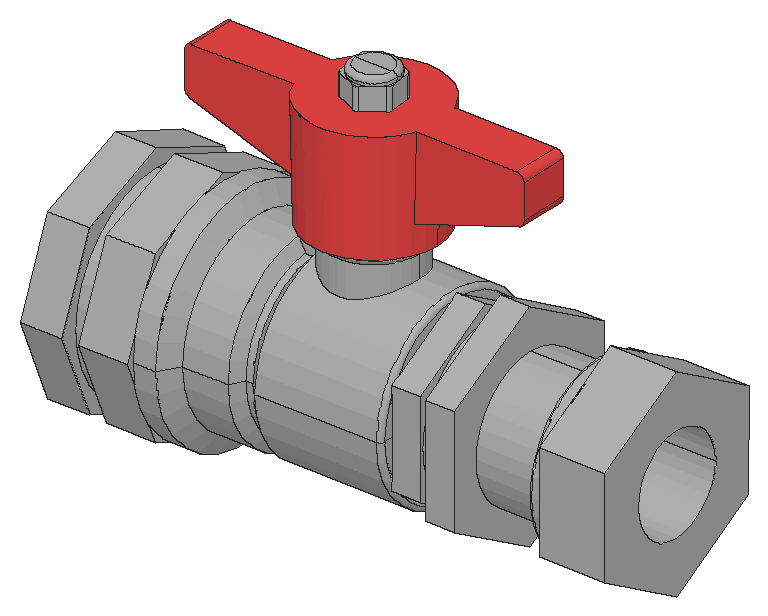
Revit family "QD40320000", category Apparecchi idraulici, Revit 2016
Family settings
  Tipo di parte = Normale
  Quota connettore circolare = Usa diametro
  Numero OmniClass = 23.45.00.00
  Titolo OmniClass = Sanitary, Laundry, and Cleaning Equipment
  Basato su piano di lavoro = No
  Sempre verticale = Sì
  Taglio con vuoti quando caricato = No
  Condiviso = No
  Punto di calcolo locali = No
Parameters
  URL = "https://web.cimberio.it/index.php/figura/278?subcategoria_id=43550"
  Produttore = "CIMBERIO SPA"
  Modello = "Cim 283BR"
  DN Model [instance] = QD40323163 : QD40323163
  DN [instance] = 20 mm
Reference planes
  plane 1 "Centro (Fronte/Retro)": y = 0
  plane 2: z = 0
  plane 3 "Centro (Sinistra/Destra)": x = 0
Dimensions and locks
  aligned and locked: level to plane 2
Nested families
  nested 1: "QD40323163" at (0, 0, 0), type <- "DN Model", type "QD40323163"
  nested 2: "QD40323163" at (0, 0, 0), type <- "DN Model", type "QD40323163"
  nested 3: "QD40323163" at (0, 0, 0), type <- "DN Model", type "QD40323163"
  nested 4: "QD40323163" at (0, 0, 0), type <- "DN Model", type "QD40323163"
  nested 5: "QD40323163" at (0, 0, 0), type <- "DN Model", type "QD40323163"
  nested 6: "QD40323163" at (0, 0, 0), type <- "DN Model", type "QD40323163"
  nested 7: "QD40323163" at (0, 0, 0), type <- "DN Model", type "QD40323163"
  nested 8: "QD40323163" at (0, 0, 0), type <- "DN Model", type "QD40323163"
  nested 9: "QD40323163" at (0, 0, 0), type <- "DN Model", type "QD40323163"
Connectors
  piping at (62.4, 0, 0), diameter 20, driven by "DN"
    settings: on nested 1, index 1, connector inside diameter 609.6 mm, connector length 0 mm, flow factor 0, pipe flow 0.0 L/s, pressure drop 0.0 Pa, fitting loss kfactor 0, connector angle 0.00°, fixture units 0, engagement length 0 mm, angle of deflection 0.00°, flow configuration 0, flow direction 0, fitting loss method 0, system type 7, joint type 0, gender type 0, connector reference index -1, connector utility 0, adjustable connector no, is connector primary yes, connector description ""
  piping at (-53.371, 0, 0), diameter 20, driven by "DN"
    settings: on nested 1, index 2, connector inside diameter 609.6 mm, connector length 0 mm, flow factor 0, pipe flow 0.0 L/s, pressure drop 0.0 Pa, fitting loss kfactor 0, connector angle 0.00°, fixture units 0, engagement length 0 mm, angle of deflection 0.00°, flow configuration 0, flow direction 0, fitting loss method 0, system type 7, joint type 0, gender type 0, connector reference index -1, connector utility 0, adjustable connector no, is connector primary no, connector description ""
Definition of nested family "QD40323163"
  Parameters (values of type "QD40323163")
    Model = "QD40403163"
    DN [instance] = "1\""
  Reference planes
    plane 1 "Centro (Fronte/Retro)": y = 0
    plane 2: z = 0
    plane 3 "Centro (Sinistra/Destra)": x = 0
  Forms (mm)
    Revolve 1, solid
      sketch origin (5.45, 0, 0) x (1, 0, 0) y (0, 0, 1)
        loop
          line (26.65, 14) -> (26.65, 10) -> (41.043, 10) -> (41.043, 14) -> (26.65, 14)
        axis (26.65, 0) -> (41.043, 0)
      angle from 0 to 360
    Revolve 2, solid
      sketch origin (15.6, 0, 0) x (1, 0, 0) y (0, 0, 1)
        loop
          arc (31.3, 18) -> (30.946, 17.854) -> (30.8, 17.5) r 0.5
          line (30.8, 17.5) -> (30.8, 10) -> (33.313, 10) -> (33.313, 18) -> (31.3, 18)
        axis (30.8, 0) -> (33.313, 0)
      angle from 0 to 360
    Revolve 3, solid
      sketch origin (0, 0, 0) x (1, 0, 0) y (0, 0, 1)
        loop
          line (5, 31.3) -> (5, 15.282) -> (9.381, 15.282) -> (9.381, 24)
          arc (9.381, 24) -> (9.751, 24.365) -> (9.887, 24.866) r 0.994
          line (9.887, 24.866) -> (9.887, 31.3) -> (5, 31.3)
        axis (0, 31.3) -> (0, 15.282)
      angle from 0 to 360
    Revolve 4, solid
      sketch origin (0, 0, 0) x (1, 0, 0) y (0, 0, 1)
        loop
          line (-1.75, 26.8) -> (-1.75, 32.8) -> (0, 32.8) -> (0, 49.8) -> (-13.579, 49.8) -> (-13.134, 26.8) -> (-1.75, 26.8)
        axis (0, 49.8) -> (0, 26.8)
      angle from 0 to 360
    Revolve 5, solid
      sketch origin (0, 0, 0) x (1, 0, 0) y (0, 0, 1)
        loop
          line (0, 55.8) -> (0, 53.928) -> (4.75, 53.928) -> (4.75, 54.8)
          arc (4.75, 54.8) -> (4.456, 55.508) -> (3.748, 55.8) r 1
          line (3.748, 55.8) -> (0, 55.8)
        axis (0, 55.8) -> (0, 53.928)
      angle from 0 to 360
    Extrusion 6, solid
      sketch origin (0, 0, 0) x (1, 0, 0) y (0, 0, 1)
        loop
          arc (-33.5, 49.8) -> (-34.561, 49.361) -> (-35, 48.3) r 1.5
          line (-35, 48.3) -> (-35, 41.227)
          arc (-35, 41.227) -> (-34.714, 40.345) -> (-33.964, 39.8) r 1.5
          line (-33.964, 39.8) -> (-10.874, 32.298) -> (-10.874, 49.8) -> (-33.5, 49.8)
        loop
          line (33.5, 49.8) -> (10.874, 49.8) -> (10.874, 32.298) -> (33.964, 39.8)
          arc (33.964, 39.8) -> (34.714, 40.345) -> (35, 41.227) r 1.5
          line (35, 41.227) -> (35, 48.3)
          arc (35, 48.3) -> (34.561, 49.361) -> (33.5, 49.8) r 1.5
      from -5 to 5
    Extrusion 7, solid
      sketch origin (0, 0, 28.55) x (1, 0, 0) y (0, 1, 0)
        loop
          line (-1.146, 5.373) -> (-4.802, 2.675)
          arc (-4.802, 2.675) -> (-5.145, 2.245) -> (-5.227, 1.701) r 1.063
          line (-5.227, 1.701) -> (-4.719, -2.806)
          arc (-4.719, -2.806) -> (-4.514, -3.33) -> (-4.073, -3.682) r 1.088
          line (-4.073, -3.682) -> (0.09, -5.499)
          arc (0.09, -5.499) -> (0.628, -5.58) -> (1.134, -5.381) r 1.051
          line (1.134, -5.381) -> (4.803, -2.674)
          arc (4.803, -2.674) -> (5.145, -2.245) -> (5.227, -1.703) r 1.06
          line (5.227, -1.703) -> (4.717, 2.823)
          arc (4.717, 2.823) -> (4.517, 3.333) -> (4.089, 3.675) r 1.058
          line (4.089, 3.675) -> (-0.077, 5.493)
          arc (-0.077, 5.493) -> (-0.628, 5.576) -> (-1.146, 5.373) r 1.076
      from 21.25 to 25.75
    Extrusion 8, solid
      sketch origin (15.6, 0, 0) x (0, 1, 0) y (0, 0, 1)
        loop
          circle (0, 0) r 10
        loop
          line (0, 20.75) -> (-18.5, 10.069) -> (-18.5, -10.069) -> (0, -20.75) -> (18.5, -10.069) -> (18.5, 10.069) -> (0, 20.75)
      from 33.3 to 46.8
    Revolve 9, solid
      sketch origin (0, 0, 0) x (1, 0, 0) y (0, 1, 0)
        loop
          line (-31, 10) -> (17.1, 10) -> (17.1, 18.5)
          arc (17.1, 18.5) -> (16.807, 19.207) -> (16.1, 19.5) r 1
          line (16.1, 19.5) -> (-8.943, 19.5) -> (-11.5, 16.934) -> (-13.002, 16.934) -> (-14.443, 19.5) -> (-24, 19.5) -> (-26.309, 23.5) -> (-31, 23.5) -> (-31, 10)
        axis (-31, 0) -> (17.1, 0)
      angle from 0 to 360
    Extrusion 10, solid
      sketch origin (0, 0, 0) x (0, 1, 0) y (0, 0, 1)
        loop
          circle (0, 0) r 10
        loop
          line (0, 19.5) -> (-16.887, 9.75) -> (-16.887, -9.75) -> (0, -19.5) -> (16.887, -9.75) -> (16.887, 9.75) -> (0, 19.5)
      from 17.1 to 23.1
    Extrusion 11, solid
      sketch origin (0, 0, 0) x (-1, 0, 0) y (0, 0, -1)
        loop
          line (14, -30.3) -> (14, -15.3) -> (8.237, -15.3) -> (8.237, -30.3) -> (14, -30.3)
      from 0 to 1.41
    Extrusion 12, solid
      sketch origin (-11, 0, 0) x (0, 0, 1) y (0, 1, 0)
        loop
          circle (0, 0) r 10
        loop
          line (24.5, 0) -> (17.324, 17.324) -> (0, 24.5) -> (-17.324, 17.324) -> (-24.5, 0) -> (-17.324, -17.324) -> (0, -24.5) -> (17.324, -17.324) -> (24.5, 0)
      from 33.871 to 42.371
    Revolve 13, solid
      sketch origin (0, 0, 0) x (1, 0, 0) y (0, 0, 1)
        loop
          line (-44.871, 21) -> (-44.871, 10) -> (-41.1, 10) -> (-41.1, 21) -> (-44.871, 21)
        axis (-44.871, 0) -> (-41.1, 0)
      angle from 0 to 360
    Extrusion 14, solid
      sketch origin (-11, 0, 0) x (0, 0, 1) y (0, 1, 0)
        loop
          circle (0, 0) r 10
        loop
          line (24.65, 0) -> (17.43, 17.43) -> (0, 24.65) -> (-17.43, 17.43) -> (-24.65, 0) -> (-17.43, -17.43) -> (0, -24.65) -> (17.43, -17.43) -> (24.65, 0)
      from 20 to 30.1
    Revolve 15, solid
      sketch origin (0, 0, 0) x (1, 0, 0) y (0, 0, 1)
        loop
          line (23.1, 16.475) -> (23.1, 10) -> (26.1, 10) -> (26.1, 16.475) -> (23.1, 16.475)
        axis (23.1, 0) -> (26.1, 0)
      angle from 0 to 360
    Extrusion 16, solid
      sketch origin (0, 0, 0) x (0, 1, 0) y (0, 0, 1)
        loop
          circle (0, 0) r 10
        loop
          line (0, 22.2) -> (-19.226, 11.1) -> (-19.226, -11.1) -> (0, -22.2) -> (19.226, -11.1) -> (19.226, 11.1) -> (0, 22.2)
      from 26.1 to 32.1
  Cuts and joins
    joined: Revolve 4, Extrusion 6
  Dimensions and locks
    aligned and locked: level to plane 2
